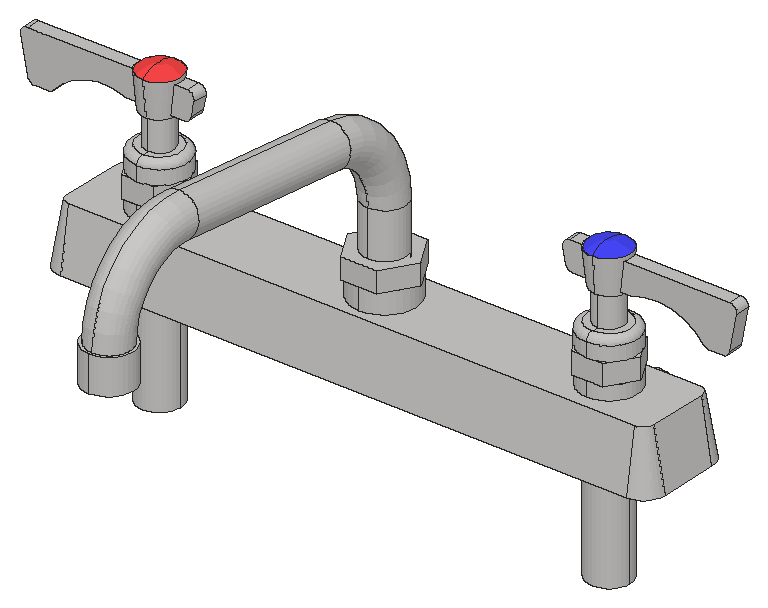
Revit family "Krowne_15-506L_DeckMount_Faucet", category Plumbing Fixtures, Revit 2018
Family settings
  Round Connector Dimension = Use Diameter
  Part Type = Normal
  OmniClass Number = 23.40.40.00
  OmniClass Title = Food Service Equipment and Furnishings
  Work Plane-Based = No
  Always vertical = Yes
  Cut with Voids When Loaded = No
  Shared = No
  Room Calculation Point = No
Parameters (values of type "DefaultType")
  Width = 12 3/4"
  Weight in Pounds = 5
  Watermarked By = ""
  Waste Water Discharge Temperature [instance] = -459.67 °F
  URL Cutsheet = ""
  URL = "https://krowne.com/"
  Status [instance] = ""
  Specification by User [instance] = ""
  Specification by Manufacturer [instance] = ""
  Serial Number [instance] = ""
  Revision Code [instance] = ""
  Plumbing Remarks [instance] = ""
  Plumbing Connection Type = ""
  NAFEM Spec ID Number [instance] = ""
  Model = "15-506L"
  Masterspec [instance] = ""
  Manufacturer = "Krowne Metal"
  KCLRef = "KCL2C9,,0004c592-0000-0000-0000-000000000307,KR,15-506L ,637110198900000000,13025573-aa52-44fc-a9dc-5bc1ededc038,e03176cf-c2e7-4aef-ab4e-7d4cba24d130"
  KCL SpecSheet URL = "http://kclweb.kclcad.com/imagehandler.ashx?kdoc=15-5xxl&R=KR&M=15-506L%20&VC=7&TID=KCLWeb&T=doc"
  Item Number [instance] = "-"
  Installed By [instance] = ""
  Hot Water Temperature = 100 °F
  Hot Water Size = 1/2"
  Hot Water RI Height [instance] = 0"
  Hot Water Minimum Pressure = 0.00 psi
  Hot Water Maximum Pressure = 0.00 psi
  Hot Water Flow = 1.8 GPM
  Hot Water Consumption = 0 GPM
  Hot Water Connection Height = 0"
  Height = 3 3/8"
  Furnished By [instance] = ""
  Foodservice Equipment Identifier = yes
  Description = "Deck Mount Faucet"
  Depth = 1 7/8"
  Cold Water Temperature Recommended = -459.67 °F
  Cold Water Size = 1/2"
  Cold Water RI Height [instance] = 0"
  Cold Water Minimum Pressure = 0.00 psi
  Cold Water Maximum Pressure = 0.00 psi
  Cold Water Flow = 1.8 GPM
  Cold Water Consumption = ""
  Cold Water Connection Height = 0"
  CSI MasterFormat = ""
  Assembly Code = "E1090300"
Reference planes (in)
  plane 1 "BACK": y = 0
  plane 2: z = 0
  plane 3 "LEFT": x = -18.94073
  plane 4 "RIGHT": x = -6.19073
  plane 5 "FRONT": y = -1.875
  plane 6 "TOP": z = 3.375
  plane 7 "CENTER L/R": x = -12.56573
  plane 8 "Top of Body": z = 1.0625
  plane 9: y = -0.9375
  plane 10: z = 2.375
  plane 11: y = -7.0625
  plane 12: z = 4.75
Forms (in)
  Sweep 1, solid, material "QF_Stainless-Polished"
    path origin (-12.56573, 0, 0) x (0, 1, 0) y (0, 0, 1)
      loop
        line (-0.9375, 1.0625) -> (-0.9375, 2.61985)
        arc (-0.9375, 2.61985) -> (-1.28795, 3.53687) -> (-2.16066, 3.98644) r 1.375
        line (-2.16066, 3.98644) -> (-5.53566, 4.36144)
        arc (-5.53566, 4.36144) -> (-6.60452, 4.0194) -> (-7.0625, 2.99485) r 1.375
        line (-7.0625, 2.99485) -> (-7.0625, 2.375)
    profile origin (-12.56573, -0.9375, 1.84117) x (0, -1, 0) y (1, 0, 0)
      loop
        circle (0, 0) r 0.375
      loop
        circle (0, 0) r 0.25
  Extrusion 2, solid, material "QF_Stainless-Polished"
    sketch origin (0, 0, 1.0625) x (0, 1, 0) y (-1, 0, 0)
      loop
        circle (-0.9375, 12.56573) r 0.375
      loop
        circle (-0.9375, 12.56573) r 0.4375
    from 0 to 0.625
  Extrusion 3, solid, material "QF_Stainless-Polished"
    sketch origin (0, 0, 1.0625) x (0, 1, 0) y (-1, 0, 0)
      loop
        circle (-0.9375, 12.56573) r 0.5625
      loop
        circle (-0.9375, 12.56573) r 0.375
    from 0 to 0.375
  Extrusion 4, solid, material "QF_Stainless-Polished"
    sketch origin (0, 0, 1.4375) x (0, 1, 0) y (-1, 0, 0)
      loop
        line (-0.9375, 11.91391) -> (-0.37301, 12.23982) -> (-0.37301, 12.89163) -> (-0.9375, 13.21754) -> (-1.50199, 12.89163) -> (-1.50199, 12.23982) -> (-0.9375, 11.91391)
      loop
        circle (-0.9375, 12.56573) r 0.375
    from 0 to 0.375
  Extrusion 5, solid, material "QF_Stainless-Polished"
    sketch origin (-12.56573, -7.0625, 2.375) x (0, -1, 0) y (-1, 0, 0)
      loop
        circle (0, 0) r 0.375
      loop
        circle (0, 0) r 0.4375
    from 0 to -0.625
Lines and regions (in)
  symbolic lines
    curve 1: line (-12.23982, -0.37301, 0) -> (-12.89163, -0.37301, 0)
    curve 2: line (-12.89163, -0.37301, 0) -> (-13.21754, -0.9375, 0)
    curve 3: line (-13.21754, -0.9375, 0) -> (-12.94073, -1.41696, 0)
    curve 4: line (-12.19073, -1.41696, 0) -> (-11.91391, -0.9375, 0)
    curve 5: line (-11.91391, -0.9375, 0) -> (-12.23982, -0.37301, 0)
    curve 6: arc (-12.56573, -1.3125, 0) -> (-12.94073, -0.9375, 0) -> (-12.56573, -0.5625, 0) r 0.375
    curve 7: arc (-12.56573, -0.5625, 0) -> (-12.19073, -0.9375, 0) -> (-12.56573, -1.3125, 0) r 0.375
    curve 8: arc (-12.94073, -7.0625, 0) -> (-12.83089, -7.32767, 0) -> (-12.56573, -7.4375, 0) r 0.375
    curve 9: arc (-12.56573, -7.4375, 0) -> (-12.30056, -7.32767, 0) -> (-12.19073, -7.0625, 0) r 0.375
    curve 10: line (-12.94073, -7.0625, 0) -> (-12.94073, -0.9375, 0)
    curve 11: line (-12.19073, -0.9375, 0) -> (-12.19073, -7.0625, 0)
Dimensions and locks (in)
  "Width": plane 3 "LEFT" to plane 4 "RIGHT"
  "Depth": plane 5 "FRONT" to plane 1 "BACK"
  "Height": plane 6 "TOP" to plane 2
  plane 8 "Top of Body" to level = 1 1/16"
  equal spacing: plane 5 "FRONT", plane 9, plane 1 "BACK"
  equal spacing: plane 3 "LEFT", plane 7 "CENTER L/R", plane 4 "RIGHT"
  plane 10 to plane 8 "Top of Body" = 1 5/16"
  plane 11 to plane 1 "BACK" = 7 1/16"
  plane 12 to plane 8 "Top of Body" = 3 11/16"
  aligned and locked: level to plane 2
  aligned and locked: plane 9 to Sweep 1 sketch curve
  aligned and locked: Sweep 1 sketch curve to plane 11
  aligned and locked: plane 10 to Sweep 1 sketch curve
Automatic sketch dimensions
  Sweep 1 sketch curve to Sweep 1 sketch curve = 0"  (x2)
  Sweep 1 sketch curve to plane 7 "CENTER L/R" = 0"
  Sweep 1 sketch curve to profile plane = 0"
  Extrusion 2 sketch curve to Extrusion 2 sketch curve = 0"  (x2)
  Extrusion 2 sketch curve to plane 7 "CENTER L/R" = 0"
  plane 9 to Extrusion 2 sketch curve = 0"
  Extrusion 4 sketch curve to Extrusion 4 sketch curve = 0"  (x2)
  Extrusion 4 sketch curve to Extrusion 4 sketch curve = 0.56449"  (x2)
  Extrusion 4 sketch curve to Extrusion 4 sketch curve = 0.32591"  (x5)
  Extrusion 4 sketch curve to Extrusion 4 sketch curve = 0.65182"
  curve 8 to curve 9 = 0"
  plane 9 to curve 2 = 0"
  plane 11 to curve 10 = 0"
  plane 9 to curve 10 = 0"
  curve 6 to plane 7 "CENTER L/R" = 0"
  plane 9 to curve 11 = 0"
  plane 9 to curve 4 = 0"
  plane 9 to curve 6 = 0"
  curve 1 to plane 7 "CENTER L/R" = 0.32591"
  curve 10 to curve 8 = 3/8"
  curve 3 to curve 10 = 0.27682"
  plane 7 "CENTER L/R" to curve 5 = 0.32591"
  curve 11 to curve 4 = 0.27682"
  plane 1 "BACK" to curve 1 = 0.37301"
  curve 3 to curve 6 = 0.10446"
  curve 4 to curve 6 = 0.10446"
  Extrusion 3 sketch curve to Extrusion 3 sketch curve = 0"  (x2)
  Extrusion 3 sketch curve to plane 7 "CENTER L/R" = 0"
  plane 9 to Extrusion 3 sketch curve = 0"
  Sweep 1 sketch curve to plane 8 "Top of Body" = 0"
  Sweep 1 sketch curve to plane 6 "TOP" = 0.38015"
  Sweep 1 sketch curve to plane 12 = 0.38856"
  Sweep 1 sketch curve to Sweep 1 sketch curve = 0.15184"
  plane 5 "FRONT" to Sweep 1 sketch curve = 7/16"
  plane 5 "FRONT" to Sweep 1 sketch curve = 0.28566"
  plane 10 to Sweep 1 sketch curve = 0.24485"
  radius of Sweep 1 sketch curve = 3/8"
  radius of Sweep 1 sketch curve = 1/4"
  radius of Extrusion 2 sketch curve = 3/8"
  radius of Extrusion 2 sketch curve = 7/16"
  radius of Extrusion 4 sketch curve to Extrusion 3 = 0"
  radius of Extrusion 5 sketch curve to Sweep 1 = 0"
  radius of Sweep 1 to Extrusion 5 sketch curve = 1/16"
  radius of Extrusion 3 sketch curve = 9/16"
  radius of Extrusion 3 sketch curve = 3/8"
Nested families (in)
  nested 1: "QF_Krowne_15-5_Body" at (-0.1875, -0.03125, 0), type "QF_Krowne_15-5_Body"
Connectors (in)
  piping at (-16.56573, 0.21875, 0.53125), diameter 0.5, driven by "Hot Water Flow", driven by "Hot Water Size"
    settings: on nested 1, index 1, connector inside diameter 24", connector length 0", flow factor 0, pipe flow 1.8 GPM, pressure drop 0.00 psi, fitting loss kfactor 0, connector angle 0.00°, fixture units 0, engagement length 0", angle of deflection 0.00°, flow configuration 1, flow direction 1, fitting loss method 0, system type 19, joint type 0, gender type 0, connector reference index -1, connector utility 0, adjustable connector no, is connector primary yes, connector description "HOT WATER"
  piping at (-8.56573, 0.21875, 0.53125), diameter 0.5, driven by "Cold Water Flow", driven by "Cold Water Size"
    settings: on nested 1, index 2, connector inside diameter 24", connector length 0", flow factor 0, pipe flow 1.8 GPM, pressure drop 0.00 psi, fitting loss kfactor 0, connector angle 0.00°, fixture units 0, engagement length 0", angle of deflection 0.00°, flow configuration 1, flow direction 1, fitting loss method 0, system type 20, joint type 0, gender type 0, connector reference index -1, connector utility 0, adjustable connector no, is connector primary no, connector description "COLD WATER"
Definition of nested family "QF_Krowne_15-5_Body"
  Parameters (values of type "QF_Krowne_15-5_Body")
    Width = 12 3/4"
    Watermarked By = ""
    Height = 3 7/8"
    Description = ""
    Depth = 1 13/16"
  Reference planes (in)
    plane 1 "BACK": y = 0
    plane 2: z = 0
    plane 3 "LEFT": x = -18.75323
    plane 4 "RIGHT": x = -6.00323
    plane 5 "TOP": z = 3.1875
    plane 6 "Center": x = -12.37823
    plane 7 "Left of Handle": x = -16.37823
    plane 8 "Right of Handle": x = -8.37823
    plane 9 "Top of Body": z = 1.0625
    plane 10 "FRONT": y = -1.8125
    plane 11: x = -17.78448
    plane 12: x = -6.97198
    plane 13 "Faucet Handle Center": y = -0.90625
    plane 14: y = -0.78125
    plane 15: y = -1.03125
    plane 16: z = 0.53125
    plane 17: z = 3.375
  Forms (in)
    Blend 1, solid
      base sketch origin (0, 0, 0) x (1, 0, 0) y (0, 1, 0)
        loop
          line (-17.40948, -1.8125) -> (-7.34698, -1.8125)
          arc (-7.34698, -1.8125) -> (-7.08181, -1.70267) -> (-6.97198, -1.4375) r 0.375
          line (-6.97198, -1.4375) -> (-6.97198, -0.375)
          arc (-6.97198, -0.375) -> (-7.08181, -0.10983) -> (-7.34698, 0) r 0.375
          line (-7.34698, 0) -> (-17.40948, 0)
          arc (-17.40948, 0) -> (-17.67464, -0.10983) -> (-17.78448, -0.375) r 0.375
          line (-17.78448, -0.375) -> (-17.78448, -1.4375)
          arc (-17.78448, -1.4375) -> (-17.67464, -1.70267) -> (-17.40948, -1.8125) r 0.375
      top sketch origin (0, 0, 0) x (1, 0, 0) y (0, 1, 0)
        loop
          arc (-17.59698, -1.4375) -> (-17.54206, -1.57008) -> (-17.40948, -1.625) r 0.1875
          line (-17.40948, -1.625) -> (-7.34698, -1.625)
          arc (-7.34698, -1.625) -> (-7.21439, -1.57008) -> (-7.15948, -1.4375) r 0.1875
          line (-7.15948, -1.4375) -> (-7.15948, -0.375)
          arc (-7.15948, -0.375) -> (-7.21439, -0.24242) -> (-7.34698, -0.1875) r 0.1875
          line (-7.34698, -0.1875) -> (-17.40948, -0.1875)
          arc (-17.40948, -0.1875) -> (-17.54206, -0.24242) -> (-17.59698, -0.375) r 0.1875
          line (-17.59698, -0.375) -> (-17.59698, -1.4375)
      from 0 to 1.0625
    Extrusion 2, solid
      sketch origin (0, 0, 1.0625) x (0, 1, 0) y (-1, 0, 0)
        loop
          circle (-0.90625, 16.37823) r 0.5
        loop
          circle (-0.90625, 8.37823) r 0.5
      from 0 to 0.25
    Extrusion 3, solid
      sketch origin (0, 0, 1.3125) x (0, 1, 0) y (-1, 0, 0)
        loop
          line (-0.90625, 15.81573) -> (-0.41911, 16.09698) -> (-0.41911, 16.65948) -> (-0.90625, 16.94073) -> (-1.39339, 16.65948) -> (-1.39339, 16.09698) -> (-0.90625, 15.81573)
        loop
          line (-0.90625, 7.81573) -> (-0.41911, 8.09698) -> (-0.41911, 8.65948) -> (-0.90625, 8.94073) -> (-1.39339, 8.65948) -> (-1.39339, 8.09698) -> (-0.90625, 7.81573)
      from 0 to 0.375
    Revolve 4, solid
      sketch origin (-16.37823, 0, 0) x (0, 1, 0) y (0, 0, 1)
        loop
          line (-0.90625, 1.6875) -> (-0.40625, 1.6875) -> (-0.40625, 1.9375)
          arc (-0.40625, 1.9375) -> (-0.44286, 2.02589) -> (-0.53125, 2.0625) r 0.125
          line (-0.53125, 2.0625) -> (-0.90625, 2.0625) -> (-0.90625, 1.6875)
        axis (-0.90625, 1.6875) -> (-0.90625, 2.0625)
      angle from 0 to 360
    Revolve 5, solid
      sketch origin (-8.37823, 0, 0) x (0, 1, 0) y (0, 0, 1)
        loop
          line (-0.90625, 1.6875) -> (-0.40625, 1.6875) -> (-0.40625, 1.9375)
          arc (-0.40625, 1.9375) -> (-0.44286, 2.02589) -> (-0.53125, 2.0625) r 0.125
          line (-0.53125, 2.0625) -> (-0.90625, 2.0625) -> (-0.90625, 1.6875)
        axis (-0.90625, 1.6875) -> (-0.90625, 2.0625)
      angle from 0 to 360
    Revolve 6, solid
      sketch origin (-8.37823, 0, 0) x (0, 1, 0) y (0, 0, 1)
        loop
          line (-0.90625, 2.0625) -> (-0.65625, 2.0625) -> (-0.65625, 2.625) -> (-0.90625, 2.625) -> (-0.90625, 2.0625)
        axis (-0.90625, 2.0625) -> (-0.90625, 2.625)
      angle from 0 to 360
    Revolve 7, solid
      sketch origin (-16.37823, 0, 0) x (0, 1, 0) y (0, 0, 1)
        loop
          line (-0.90625, 2.0625) -> (-0.65625, 2.0625) -> (-0.65625, 2.625) -> (-0.90625, 2.625) -> (-0.90625, 2.0625)
        axis (-0.90625, 2.0625) -> (-0.90625, 2.625)
      angle from 0 to 360
    Revolve 8, solid
      sketch origin (-16.37823, 0, 0) x (0, 1, 0) y (0, 0, 1)
        loop
          line (-0.90625, 2.625) -> (-0.59375, 2.625) -> (-0.53125, 3.25) -> (-0.90625, 3.25) -> (-0.90625, 2.625)
        axis (-0.90625, 2.625) -> (-0.90625, 3.25)
      angle from 0 to 360
    Revolve 9, solid
      sketch origin (-8.37823, 0, 0) x (0, 1, 0) y (0, 0, 1)
        loop
          line (-0.90625, 2.625) -> (-0.59375, 2.625) -> (-0.53125, 3.25) -> (-0.90625, 3.25) -> (-0.90625, 2.625)
        axis (-0.90625, 2.625) -> (-0.90625, 3.25)
      angle from 0 to 360
    Revolve 10, solid
      sketch origin (-16.37823, 0, 0) x (0, 1, 0) y (0, 0, 1)
        loop
          line (-0.90625, 3.25) -> (-0.53125, 3.25)
          arc (-0.53125, 3.25) -> (-0.70704, 3.34763) -> (-0.90625, 3.375) r 0.54601
          line (-0.90625, 3.375) -> (-0.90625, 3.25)
        axis (-0.90625, 3.25) -> (-0.90625, 3.375)
      angle from 0 to 360
    Revolve 11, solid
      sketch origin (-8.37823, 0, 0) x (0, 1, 0) y (0, 0, 1)
        loop
          line (-0.90625, 3.25) -> (-0.53125, 3.25)
          arc (-0.53125, 3.25) -> (-0.70704, 3.34763) -> (-0.90625, 3.375) r 0.54601
          line (-0.90625, 3.375) -> (-0.90625, 3.25)
        axis (-0.90625, 3.25) -> (-0.90625, 3.375)
      angle from 0 to 360
    Extrusion 12, solid
      sketch origin (0, 0, 0) x (1, 0, 0) y (0, 0, 1)
        loop
          circle (-16.37823, 0.53125) r 0.25
        loop
          circle (-8.37823, 0.53125) r 0.25
      from 0.21074 to -0.25
    Extrusion 13, solid
      sketch origin (0, -0.90625, 0) x (1, 0, 0) y (0, 0, 1)
        loop
          arc (-18.62823, 3.1875) -> (-18.72489, 3.14175) -> (-18.7508, 3.03799) r 0.125
          line (-18.7508, 3.03799) -> (-18.62581, 2.41303)
          arc (-18.62581, 2.41303) -> (-18.58249, 2.34087) -> (-18.50324, 2.31254) r 0.125
          line (-18.50324, 2.31254) -> (-18.25335, 2.31254)
          arc (-18.25335, 2.31254) -> (-18.20057, 2.32423) -> (-18.15766, 2.35712) r 0.125
          arc (-18.15766, 2.35712) -> (-17.58494, 2.72229) -> (-16.90628, 2.69449) r 1.13354
          arc (-16.90628, 2.69449) -> (-16.88545, 2.68898) -> (-16.86398, 2.68712) r 0.125
          line (-16.86398, 2.68712) -> (-15.83077, 2.68712)
          arc (-15.83077, 2.68712) -> (-15.75152, 2.71545) -> (-15.7082, 2.78761) r 0.125
          line (-15.7082, 2.78761) -> (-15.65813, 3.03799)
          arc (-15.65813, 3.03799) -> (-15.68403, 3.14175) -> (-15.7807, 3.1875) r 0.125
          line (-15.7807, 3.1875) -> (-18.62823, 3.1875)
        loop
          line (-6.12823, 3.1875) -> (-8.97575, 3.1875)
          arc (-8.97575, 3.1875) -> (-9.07242, 3.14175) -> (-9.09832, 3.03799) r 0.125
          line (-9.09832, 3.03799) -> (-9.04825, 2.78761)
          arc (-9.04825, 2.78761) -> (-9.00493, 2.71545) -> (-8.92568, 2.68712) r 0.125
          line (-8.92568, 2.68712) -> (-7.89247, 2.68712)
          arc (-7.89247, 2.68712) -> (-7.871, 2.68898) -> (-7.85017, 2.69449) r 0.125
          arc (-7.85017, 2.69449) -> (-7.17151, 2.72229) -> (-6.59879, 2.35712) r 1.13354
          arc (-6.59879, 2.35712) -> (-6.55588, 2.32423) -> (-6.5031, 2.31254) r 0.125
          line (-6.5031, 2.31254) -> (-6.25321, 2.31254)
          arc (-6.25321, 2.31254) -> (-6.17396, 2.34087) -> (-6.13064, 2.41303) r 0.125
          line (-6.13064, 2.41303) -> (-6.00565, 3.03799)
          arc (-6.00565, 3.03799) -> (-6.03156, 3.14175) -> (-6.12823, 3.1875) r 0.125
      from -0.125 to 0.125
    Extrusion 14, solid
      sketch origin (0, 0, 0) x (1, 0, 0) y (0, 1, 0)
        loop
          circle (-16.37823, -0.90625) r 0.375
      from 0 to -2
    Extrusion 15, solid
      sketch origin (0, 0, 0) x (1, 0, 0) y (0, 1, 0)
        loop
          circle (-8.37823, -0.90625) r 0.375
      from 0 to -2
  Lines and regions (in)
    symbolic lines
      curve 1: line (-18.75323, -0.78125, 1.0625) -> (-15.6557, -0.78125, 1.0625)
      curve 2: line (-18.75323, -1.03125, 1.0625) -> (-18.75323, -0.78125, 1.0625)
      curve 3: line (-15.6557, -1.03125, 1.0625) -> (-18.75323, -1.03125, 1.0625)
      curve 4: line (-15.6557, -0.78125, 1.0625) -> (-15.6557, -1.03125, 1.0625)
      curve 5: line (-6.00323, -0.78125, 1.0625) -> (-9.10075, -0.78125, 1.0625)
      curve 6: line (-6.00323, -1.03125, 1.0625) -> (-6.00323, -0.78125, 1.0625)
      curve 7: line (-9.10075, -1.03125, 1.0625) -> (-6.00323, -1.03125, 1.0625)
      curve 8: line (-9.10075, -0.78125, 1.0625) -> (-9.10075, -1.03125, 1.0625)
      curve 9: line (-7.34698, 0, 1.0625) -> (-17.40948, 0, 1.0625)
      curve 10: line (-6.97198, -1.4375, 1.0625) -> (-6.97198, -1.03125, 1.0625)
      curve 11: line (-17.40948, -1.8125, 1.0625) -> (-7.34698, -1.8125, 1.0625)
      curve 12: line (-17.78448, -0.375, 1.0625) -> (-17.78448, -0.78125, 1.0625)
      curve 13: line (-17.78448, -1.03125, 1.0625) -> (-17.78448, -1.4375, 1.0625)
      curve 14: line (-6.97198, -0.78125, 1.0625) -> (-6.97198, -0.375, 1.0625)
      curve 15: line (-16.65948, -0.41911, 1.0625) -> (-16.86856, -0.78125, 1.0625)
      curve 16: line (-16.65948, -0.41911, 1.0625) -> (-16.09698, -0.41911, 1.0625)
      curve 17: line (-16.09698, -0.41911, 1.0625) -> (-15.88789, -0.78125, 1.0625)
      curve 18: line (-16.09698, -1.39339, 1.0625) -> (-16.65948, -1.39339, 1.0625)
      curve 19: line (-16.65948, -1.39339, 1.0625) -> (-16.86856, -1.03125, 1.0625)
      curve 20: line (-16.09698, -1.39339, 1.0625) -> (-15.88789, -1.03125, 1.0625)
      curve 21: line (-8.65948, -0.41911, 1.0625) -> (-8.09698, -0.41911, 1.0625)
      curve 22: line (-8.09698, -0.41911, 1.0625) -> (-7.88789, -0.78125, 1.0625)
      curve 23: line (-8.65948, -0.41911, 1.0625) -> (-8.86856, -0.78125, 1.0625)
      curve 24: line (-8.09698, -1.39339, 1.0625) -> (-8.65948, -1.39339, 1.0625)
      curve 25: line (-8.65948, -1.39339, 1.0625) -> (-8.86856, -1.03125, 1.0625)
      curve 26: line (-8.09698, -1.39339, 1.0625) -> (-7.88789, -1.03125, 1.0625)
      curve 27: arc (-17.78448, -0.375, 1.0625) -> (-17.67464, -0.10983, 1.0625) -> (-17.40948, 0, 1.0625) r 0.375
      curve 28: arc (-6.97198, -0.375, 1.0625) -> (-7.08181, -0.10983, 1.0625) -> (-7.34698, 0, 1.0625) r 0.375
      curve 29: arc (-6.97198, -1.4375, 1.0625) -> (-7.08181, -1.70267, 1.0625) -> (-7.34698, -1.8125, 1.0625) r 0.375
      curve 30: arc (-17.40948, -1.8125, 1.0625) -> (-17.67464, -1.70267, 1.0625) -> (-17.78448, -1.4375, 1.0625) r 0.375
      curve 31: line (-7.34698, -0.1875, 1.0625) -> (-17.40948, -0.1875, 1.0625)
      curve 32: arc (-17.40948, -0.1875, 1.0625) -> (-17.54206, -0.24242, 1.0625) -> (-17.59698, -0.375, 1.0625) r 0.1875
      curve 33: arc (-17.59698, -1.4375, 1.0625) -> (-17.54206, -1.57008, 1.0625) -> (-17.40948, -1.625, 1.0625) r 0.1875
      curve 34: line (-17.40948, -1.625, 1.0625) -> (-7.34698, -1.625, 1.0625)
      curve 35: arc (-7.34698, -1.625, 1.0625) -> (-7.21439, -1.57008, 1.0625) -> (-7.15948, -1.4375, 1.0625) r 0.1875
      curve 36: arc (-7.15948, -0.375, 1.0625) -> (-7.21439, -0.24242, 1.0625) -> (-7.34698, -0.1875, 1.0625) r 0.1875
      curve 37: line (-7.15948, -0.375, 1.0625) -> (-7.15948, -0.78125, 1.0625)
      curve 38: line (-7.15948, -1.4375, 1.0625) -> (-7.15948, -1.03125, 1.0625)
      curve 39: line (-17.59698, -1.4375, 1.0625) -> (-17.59698, -1.03125, 1.0625)
      curve 40: line (-17.59698, -0.375, 1.0625) -> (-17.59698, -0.78125, 1.0625)
  Dimensions and locks (in)
    "Width": plane 3 "LEFT" to plane 4 "RIGHT"
    plane 9 "Top of Body" to level = 1 1/16"
    equal spacing: plane 10 "FRONT", plane 13 "Faucet Handle Center", plane 1 "BACK"
    equal spacing: plane 15, plane 13 "Faucet Handle Center", plane 14
    locked: plane 15 to plane 14 at 0.25
    equal spacing: plane 9 "Top of Body", plane 16, level
    "Depth": plane 10 "FRONT" to plane 1 "BACK"
    plane 5 "TOP" to level = 3 3/16"
    plane 17 to level = 3 3/8"
    plane 7 "Left of Handle" to plane 8 "Right of Handle" = 8"
    equal spacing: plane 7 "Left of Handle", plane 6 "Center", plane 8 "Right of Handle"
    locked: plane 3 "LEFT" to plane 11 at 0.96875
    locked: plane 12 to plane 4 "RIGHT" at 0.96875
    aligned and locked: level to plane 2
    aligned and locked: plane 9 "Top of Body" to Blend 1
    aligned and locked: Extrusion 3 to Revolve 5 sketch curve
    aligned and locked: Revolve 8 sketch curve to Revolve 8 sketch curve
    aligned and locked: Revolve 9 sketch curve to Revolve 9 sketch curve
    aligned and locked: plane 4 "RIGHT" to curve 6
    aligned and locked: curve 12 to plane 11
    aligned and locked: plane 10 "FRONT" to Blend 1 sketch curve
    aligned and locked: Blend 1 sketch curve to plane 11
    aligned and locked: plane 10 "FRONT" to curve 11
    aligned and locked: plane 13 "Faucet Handle Center" to Revolve 5 sketch curve
    aligned and locked: Extrusion 13 to plane 14
    aligned and locked: plane 15 to Extrusion 13
  Automatic sketch dimensions
    Extrusion 2 sketch curve to plane 8 "Right of Handle" = 0"
    plane 13 "Faucet Handle Center" to Extrusion 2 sketch curve = 0"  (x2)
    Extrusion 2 sketch curve to plane 7 "Left of Handle" = 0"
    Revolve 4 sketch curve to plane 13 "Faucet Handle Center" = 0"  (x2)
    Revolve 4 sketch curve to Revolve 4 sketch curve = 3/8"
    Revolve 4 sketch curve to Revolve 4 sketch curve = 1/8"
    plane 9 "Top of Body" to Revolve 4 sketch curve = 5/8"
    Revolve 4 sketch curve to Revolve 4 sketch curve = 1/4"
    Revolve 4 sketch curve to Revolve 4 sketch curve = 0"  (x2)
    Revolve 5 sketch curve to plane 13 "Faucet Handle Center" = 0"
    Revolve 5 sketch curve to Revolve 5 sketch curve = 3/8"
    Revolve 5 sketch curve to Revolve 5 sketch curve = 1/8"
    Revolve 5 sketch curve to Revolve 5 sketch curve = 0"  (x2)
    Revolve 5 sketch curve to Revolve 5 sketch curve = 1/4"
    Revolve 6 sketch curve to plane 13 "Faucet Handle Center" = 0"  (x2)
    Revolve 6 sketch curve to plane 13 "Faucet Handle Center" = 1/4"
    plane 9 "Top of Body" to Revolve 6 sketch curve = 1"
    Revolve 6 sketch curve to Revolve 6 sketch curve = 9/16"
    Revolve 6 sketch curve to Revolve 6 sketch curve = 3/8"
    Revolve 6 sketch curve to Revolve 6 sketch curve = 0"
    Revolve 7 sketch curve to plane 13 "Faucet Handle Center" = 0"  (x2)
    Revolve 7 sketch curve to Revolve 7 sketch curve = 1/4"
    plane 9 "Top of Body" to Revolve 7 sketch curve = 1"
    Revolve 7 sketch curve to Revolve 7 sketch curve = 9/16"
    Revolve 7 sketch curve to Revolve 7 sketch curve = 3/8"
    Revolve 7 sketch curve to Revolve 7 sketch curve = 0"
    Revolve 8 sketch curve to plane 13 "Faucet Handle Center" = 0"
    Revolve 8 sketch curve to Revolve 8 sketch curve = 5/16"
    plane 5 "TOP" to Revolve 8 sketch curve = 1/16"
    Revolve 8 sketch curve to Revolve 8 sketch curve = 3/8"
    Revolve 8 sketch curve to plane 5 "TOP" = 9/16"
    Revolve 8 sketch curve to Revolve 8 sketch curve = 0"  (x2)
    Revolve 9 sketch curve to plane 13 "Faucet Handle Center" = 0"
    Revolve 9 sketch curve to plane 13 "Faucet Handle Center" = 5/16"
    plane 5 "TOP" to Revolve 9 sketch curve = 1/16"
    Revolve 9 sketch curve to plane 13 "Faucet Handle Center" = 3/8"
    Revolve 9 sketch curve to plane 5 "TOP" = 9/16"
    Revolve 9 sketch curve to Revolve 9 sketch curve = 0"  (x2)
    Revolve 10 sketch curve to plane 13 "Faucet Handle Center" = 0"  (x2)
    Revolve 10 sketch curve to plane 13 "Faucet Handle Center" = 0.02655"
    plane 5 "TOP" to Revolve 10 sketch curve = 1/16"
    Revolve 10 sketch curve to Revolve 10 sketch curve = 3/8"
    Revolve 10 sketch curve to plane 5 "TOP" = 0.35786"
    Revolve 10 sketch curve to Revolve 10 sketch curve = 0"  (x2)
    Revolve 11 sketch curve to plane 13 "Faucet Handle Center" = 0"  (x2)
    Revolve 11 sketch curve to plane 13 "Faucet Handle Center" = 0.02655"
    plane 5 "TOP" to Revolve 11 sketch curve = 1/16"
    Revolve 11 sketch curve to Revolve 11 sketch curve = 3/8"
    Revolve 11 sketch curve to plane 5 "TOP" = 0.35786"
    Revolve 11 sketch curve to Revolve 11 sketch curve = 0"  (x2)
    Extrusion 12 sketch curve to plane 7 "Left of Handle" = 0"
    Extrusion 12 sketch curve to plane 8 "Right of Handle" = 0"
    Extrusion 12 sketch curve to plane 16 = 0"  (x2)
    plane 11 to Blend 1 sketch curve = 3/8"
    Blend 1 sketch curve to Blend 1 sketch curve = 3/8"
    plane 1 "BACK" to Blend 1 sketch curve = 3/8"  (x2)
    Blend 1 sketch curve to plane 12 = 3/8"
    Blend 1 sketch curve to plane 12 = 3/16"
    Blend 1 sketch curve to Blend 1 sketch curve = 3/16"  (x4)
    plane 11 to Blend 1 sketch curve = 3/16"
    Blend 1 sketch curve to plane 10 "FRONT" = 3/8"
    plane 1 "BACK" to Blend 1 sketch curve = 0"
    Blend 1 sketch curve to plane 12 = 0"
    curve 27 to curve 32 = 0"  (x2)
    curve 28 to curve 36 = 0"  (x2)
    curve 29 to curve 35 = 0"  (x2)
    curve 30 to curve 33 = 0"  (x2)
    curve 30 to plane 11 = 0"
    curve 29 to plane 12 = 0"
    plane 15 to curve 4 = 0"
    plane 15 to curve 26 = 0"
    plane 14 to curve 40 = 0"
    plane 14 to curve 23 = 0"
    curve 14 to plane 12 = 0"
    plane 1 "BACK" to curve 9 = 0"
    curve 34 to plane 10 "FRONT" = 3/16"
    curve 33 to curve 33 = 3/16"
    curve 34 to curve 35 = 3/16"
    plane 15 to curve 26 = 0.36214"
    plane 15 to curve 20 = 0.36214"
    curve 17 to plane 14 = 0.36214"
    curve 23 to plane 14 = 0.36214"
    curve 27 to curve 27 = 3/8"
    plane 1 "BACK" to curve 14 = 3/8"
    curve 31 to curve 28 = 3/16"
    plane 8 "Right of Handle" to curve 22 = 9/32"
    plane 8 "Right of Handle" to curve 24 = 9/32"
    curve 24 to plane 8 "Right of Handle" = 9/32"
    curve 21 to plane 8 "Right of Handle" = 9/32"
    curve 21 to curve 8 = 0.44128"
    plane 7 "Left of Handle" to curve 4 = 0.72253"
    plane 7 "Left of Handle" to curve 20 = 9/32"
    plane 7 "Left of Handle" to curve 17 = 9/32"
    curve 19 to plane 7 "Left of Handle" = 9/32"
    curve 16 to plane 7 "Left of Handle" = 9/32"
    curve 2 to plane 3 "LEFT" = 0"
    curve 22 to curve 21 = 0.20908"
    curve 26 to curve 22 = 0"
    curve 23 to curve 5 = 0.2322"
    curve 25 to curve 7 = 0.2322"
    curve 3 to curve 20 = 0.2322"
    curve 1 to curve 17 = 0.2322"
    curve 18 to curve 19 = 0.20908"
    curve 15 to curve 19 = 0"
    Extrusion 3 sketch curve to Extrusion 3 sketch curve = 0"
    Extrusion 3 sketch curve to Extrusion 3 sketch curve = 0.48714"  (x6)
    Extrusion 3 sketch curve to Extrusion 3 sketch curve = 9/32"  (x6)
    Extrusion 3 sketch curve to Extrusion 3 sketch curve = 9/16"  (x4)
    Extrusion 3 sketch curve to Extrusion 3 sketch curve = 6 7/8"
    Extrusion 13 sketch curve to plane 5 "TOP" = 0"  (x2)
    Extrusion 13 sketch curve to plane 7 "Left of Handle" = 2.37257"
    Extrusion 13 sketch curve to plane 7 "Left of Handle" = 2 1/4"
    Extrusion 13 sketch curve to plane 7 "Left of Handle" = 2.24759"
    Extrusion 13 sketch curve to plane 7 "Left of Handle" = 2 1/8"
    Extrusion 13 sketch curve to Extrusion 13 sketch curve = 0.24989"
    plane 9 "Top of Body" to Extrusion 13 sketch curve = 0.56533"  (x2)
    Extrusion 13 sketch curve to Extrusion 13 sketch curve = 0.96348"
    Extrusion 13 sketch curve to plane 5 "TOP" = 0.50038"  (x2)
    Extrusion 13 sketch curve to Extrusion 13 sketch curve = 0.42589"  (x2)
    Extrusion 13 sketch curve to Extrusion 13 sketch curve = 1.03321"  (x2)
    Extrusion 13 sketch curve to plane 5 "TOP" = 1/8"  (x2)
    Extrusion 13 sketch curve to Extrusion 13 sketch curve = 0.05007"  (x2)
    Extrusion 13 sketch curve to plane 5 "TOP" = 0.39989"  (x2)
    Extrusion 13 sketch curve to Extrusion 13 sketch curve = 0.12257"  (x3)
    Extrusion 13 sketch curve to plane 5 "TOP" = 0.14951"  (x4)
    plane 6 "Center" to Extrusion 13 sketch curve = 3.2799"
    plane 8 "Right of Handle" to Extrusion 13 sketch curve = 1.87513"
    plane 8 "Right of Handle" to Extrusion 13 sketch curve = 2 1/8"
    plane 8 "Right of Handle" to Extrusion 13 sketch curve = 2.24759"
    plane 8 "Right of Handle" to Extrusion 13 sketch curve = 2 1/4"
    Extrusion 13 sketch curve to plane 5 "TOP" = 0.87496"
    Extrusion 13 sketch curve to Extrusion 13 sketch curve = 0.74996"
    Extrusion 13 sketch curve to Extrusion 13 sketch curve = 0.10049"  (x2)
    Extrusion 13 sketch curve to Extrusion 13 sketch curve = 1/8"  (x4)
    Extrusion 13 sketch curve to Extrusion 13 sketch curve = 0"  (x2)
    Extrusion 14 sketch curve to plane 7 "Left of Handle" = 0"
    plane 13 "Faucet Handle Center" to Extrusion 14 sketch curve = 0"
    Extrusion 15 sketch curve to plane 8 "Right of Handle" = 0"
    plane 13 "Faucet Handle Center" to Extrusion 15 sketch curve = 0"
    radius of Extrusion 2 sketch curve = 1/2"  (x2)
    radius of Extrusion 12 sketch curve = 1/4"  (x2)
    radius of Extrusion 14 sketch curve = 3/8"
    radius of Extrusion 15 sketch curve = 3/8"
